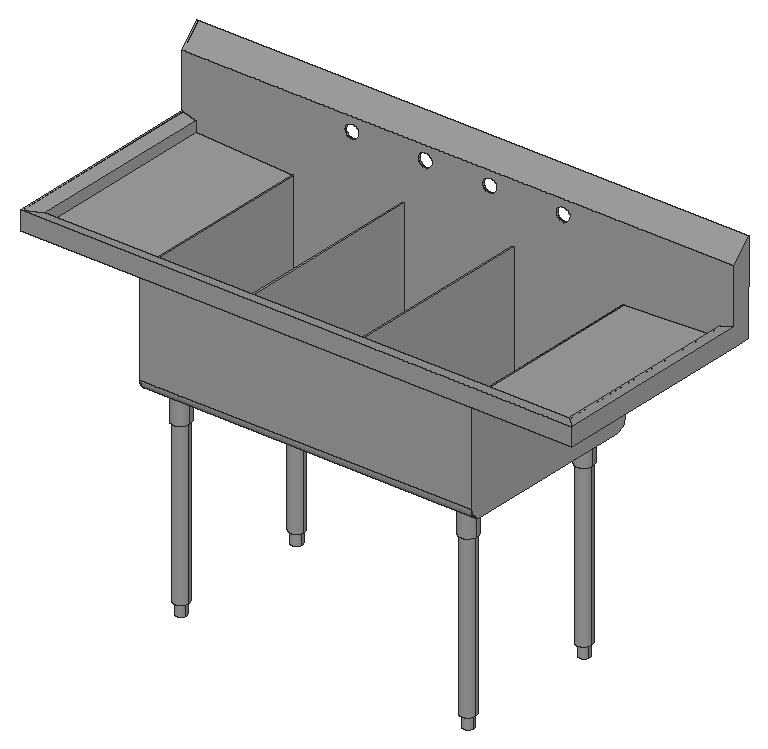
Revit family "equip-sink-elkay-weldbilt-TPL-DB-B", category Plumbing Fixtures, Revit 2019
Family settings
  Round Connector Dimension = Use Diameter
  Part Type = Normal
  Work Plane-Based = No
  Always vertical = Yes
  Cut with Voids When Loaded = No
  Shared = No
  Room Calculation Point = No
Parameters (values of type "ByType")
  Width = 2' - 0"
  URL = "http://www.elkayusa.com/cps/rde/xchg/elkay/hs.xsl/Default.aspx"
  Specification URL = "http://www.elkayusa.com/cps/rde/xbcr/elkay/04-07I_WELDBILT_TRIPLE_SCULLERY.pdf"
  Model Number = ""
  Model = "Weldbilt"
  Manufacturer = "Elkay Manufacturer"
  Length = 5' - 0"
  Installation URL = "http://www.elkayusa.com/cps/rde/xbcr/elkay/74180084.pdf"
  Hidden Width = if(Compartment Width > 0' 11", Width, (Backsplash Width + Sink Rim Front Width + Compartment Width))  # 2' - 0"
  Sink Rim Side Right Width = 0' - 1 1/2"  # constant formula
  Sink Material = Metal - Steel - Stainless - Chrome
  Hidden Compartment Width = Width - Sink Rim Front Width - Backsplash Width  # 1' - 8 1/2"
  Hidden Compartment Length = (Length - Drainboard Left - Drainboard Right) / 3  # 1' - 0"
  Hidden Drainboard Left = if(Drainboard Left > 0' 2", Drainboard Left, 0' 2")  # 1' - 0"
  Sink Rim Side Left Width = 0' - 1 1/2"  # constant formula
  Drainboard Right = 1' - 0"
  Drainboard Left = 1' - 0"
  Description = "Weldbilt Triple Compartment Scullery Sinks, Drainboard both"
  Compartment Length = if(Hidden Compartment Length > 0' 8 1/2", Hidden Compartment Length, 0' 8 1/2")  # 1' - 0"
  Hidden Length = if(Compartment Length > 0' 8 1/2", Length, (Drainboard Right + Drainboard Left + (Compartment Length * 3)))  # 5' - 0"
  Hidden Drainboard Right = if(Drainboard Right > 0' 2", Drainboard Right, 0' 2")  # 1' - 0"
  Sink Rim Front Width = 0' - 1 1/2"
  Backsplash Width = 0' - 2"  # constant formula
  Sink Drain Location = Compartment Width / 2  # 0' - 10 1/4"
  Compartment Depth = 1' - 2"
  Compartment Width = if(Hidden Compartment Width > 0' 11", Hidden Compartment Width, 0' 11")  # 1' - 8 1/2"
  Rim Height = 3' - 0"
  Hole 3 to 4 = 0' - 8"
  Hole 2 to 3 = 0' - 7"
  Hole 1 to 2 = 0' - 8"
  Hole 1 From CL = 0' - 11 1/2"
  Faucet CL from Top Backsplash = 0' - 3 1/2"
  Backsplash Height = 0' - 8"
Reference planes (in)
  plane 1 "CL Sink Hole": y = 0
  plane 2 "Bottom": z = 0
  plane 3 "Compartment Center": x = 0
  plane 4 "Basin Edge Left": x = -18
  plane 5 "Basin Edge Right": x = 18
  plane 6 "Basin Edge Back": y = 10.25
  plane 7 "Basin Edge Front": y = -10.25
  plane 8 "Left": x = -30
  plane 9 "Right": x = 30
  plane 10 "Back": y = 12.25
  plane 11 "Front": y = -11.75
  plane 12 "Sink Bowl Bottom (Top Face)": z = 22
  plane 13 "Sink Bowl Bottom (Bottom Face)": z = 21.875
  plane 14 "Sink Bottom Piece Back Edge": y = 9.25
  plane 15 "Sink Bottom Piece Front Edge": y = -9.25
  plane 16 "Center (Front/Back)": y = 0
  plane 17 "Sink Rim Top": z = 36
  plane 18 "Sink Bowl Bottom Radius Top Tangent": z = 23
  plane 19 "Sink Rim Inside Lower Edge": z = 35.59808
  plane 20: z = 44
  plane 21 "Backsplash Angle": z = 42
  plane 22 "Backsplash Side Piece Front": y = 10.375
  plane 23 "Backsplash Side Piece Top": z = 43.82322
  plane 24 "Backsplash Side Piece Angle": z = 41.94822
  plane 25 "Backsplash Side Piece Bottom": z = 34
  plane 26 "Backsplash Side Right Piece Inside Edge": x = 29.875
  plane 27 "Backsplash Side Left Piece Inside Edge": x = -29.875
  plane 28 "Basin Edge Right Outside Face": x = 18.0625
  plane 29 "Basin Edge Left Outside Face": x = -18.0625
  plane 30 "Faucet Hole CL Elev": z = 40.5
  plane 31 "CL Faucet Hole Left": x = -11.5
  plane 32 "CL Faucet Hole Right": x = -3.5
  plane 33 "Leg Left CL": x = -15.625
  plane 34 "Leg Front CL": y = -7.875
  plane 35: z = 18.825
  plane 36: z = 1.3125
  plane 37 "Leg Right CL": x = 15.625
  plane 38 "Leg Back CL": y = 7.875
  plane 39 "Sink Rim Inside Edge Right": x = 28.5
  plane 40 "Drainboard Lower Top Face": z = 34
  plane 41 "Drainboard Upper Top Face": z = 34.5
  plane 42: x = -28.5
  plane 43 "Partition Left - Left Edge": x = -6.07422
  plane 44 "Partition Left - Right Edge": x = -5.92578
  plane 45 "Sink Drain Left CL": x = -12
  plane 46 "Sink Drain Right CL": x = 12
  plane 47 "Partition Top": z = 35.47
  plane 48 "Partition Left CL": x = -6
  plane 49 "Partition Right CL": x = 6
  plane 50 "Partition Right - Left Edge": x = 5.92578
  plane 51 "Partition Right - Right Edge": x = 6.07422
  plane 52 "CL Faucet Hole2 Left": x = 3.5
  plane 53 "CL Faucet Hole2 Right": x = 11.5
  plane 54 "Basin Edge Front Outside": y = -10.375
  plane 55 "Basin Edge Back Outside": y = 10.375
  plane 56 "Center (Left/Right)": x = 0
Forms (in)
  Sweep 1, solid, material "Metal - Steel - Stainless - Chrome" <- "Sink Material"
    path origin (0, 0, 36) x (0, -1, 0) y (1, 0, 0)
      loop
        line (11.75, 18) -> (11.75, -18)
    profile "profile-weldbilt-rim : profile-weldbilt-rim" origin (0, -11.75, 36) x (0, -1, 0) y (0, 0, 1)
      loop
        line (-1.5, -0.40192) -> (-1.41389, -0.45164) -> (-0.07031, -0.09163) -> (-0.07031, -1.94605) -> (-0.42259, -2.04044) -> (-0.42259, -2.11323) -> (0, -2) -> (0, 0) -> (-1.5, -0.40192)
  Extrusion 2, solid, material "Metal - Steel - Stainless - Chrome" <- "Sink Material"
    sketch origin (0, 0, 0) x (0, 1, 0) y (0, 0, 1)
      loop
        line (-10.375, 35.59808) -> (-10.375, 23)
        arc (-10.375, 23) -> (-10.0455, 22.2045) -> (-9.25, 21.875) r 1.125
        line (-9.25, 21.875) -> (9.25, 21.875)
        arc (9.25, 21.875) -> (10.0455, 22.2045) -> (10.375, 23) r 1.125
        line (10.375, 23) -> (10.375, 34) -> (10.25, 34) -> (10.25, 23)
        arc (10.25, 23) -> (9.95711, 22.29289) -> (9.25, 22) r 1
        line (9.25, 22) -> (-9.25, 22)
        arc (-9.25, 22) -> (-9.95711, 22.29289) -> (-10.25, 23) r 1
        line (-10.25, 23) -> (-10.25, 35.59808) -> (-10.375, 35.59808)
    from -18 to 18
  Extrusion 3, solid, material "Metal - Steel - Stainless - Chrome" <- "Sink Material"
    sketch origin (0, 0, 0) x (0, 1, 0) y (0, 0, 1)
      loop
        line (10.25, 42) -> (10.25, 34) -> (10.375, 34) -> (10.375, 41.94822) -> (12.25, 43.82322) -> (12.25, 44) -> (10.25, 42)
    from -30 to 30
  Extrusion 4, solid, material "Metal - Steel - Stainless - Chrome" <- "Sink Material"
    sketch origin (30, 0, 0) x (0, 1, 0) y (0, 0, 1)
      loop
        line (12.25, 43.82322) -> (10.375, 41.94822) -> (10.375, 34) -> (12.25, 34) -> (12.25, 43.82322)
    from -0.125 to 0
  Extrusion 5, solid, material "Metal - Steel - Stainless - Chrome" <- "Sink Material"
    sketch origin (-18, 0, 0) x (0, 1, 0) y (0, 0, 1)
      loop
        line (12.25, 43.82322) -> (10.375, 41.94822) -> (10.375, 34) -> (12.25, 34) -> (12.25, 43.82322)
    from -12 to -11.875
  Extrusion 6, solid, material "Metal - Steel - Stainless - Chrome" <- "Sink Material"
    sketch origin (18, 0, 0) x (0, 1, 0) y (0, 0, 1)
      loop
        line (-10.375, 34) -> (-10.375, 23)
        arc (-10.375, 23) -> (-10.0455, 22.2045) -> (-9.25, 21.875) r 1.125
        line (-9.25, 21.875) -> (9.25, 21.875)
        arc (9.25, 21.875) -> (10.0455, 22.2045) -> (10.375, 23) r 1.125
        line (10.375, 23) -> (10.375, 34) -> (-10.375, 34)
    from 0 to 0.0625
  Extrusion 7, solid, material "Metal - Steel - Stainless - Chrome" <- "Sink Material"
    sketch origin (-18, 0, 0) x (0, 1, 0) y (0, 0, 1)
      loop
        line (10.375, 34) -> (-10.375, 34) -> (-10.375, 23)
        arc (-10.375, 23) -> (-10.0455, 22.2045) -> (-9.25, 21.875) r 1.125
        line (-9.25, 21.875) -> (9.25, 21.875)
        arc (9.25, 21.875) -> (10.0455, 22.2045) -> (10.375, 23) r 1.125
        line (10.375, 23) -> (10.375, 34)
    from -0.0625 to 0
  Extrusion 8, void
    sketch origin (0, 0, 0) x (1, 0, 0) y (0, 0, 1)
      loop
        circle (-11.5, 40.5) r 0.75
    from -10.375 to -10.25
  Extrusion 9, void
    sketch origin (0, 0, 0) x (1, 0, 0) y (0, 0, 1)
      loop
        circle (-3.5, 40.5) r 0.75
    from -10.375 to -10.25
  Extrusion 10, void
    sketch origin (-45.27944, 78.60934, 0) x (1, 0, 0) y (0, 1, 0)
      loop
        circle (33.27944, -78.60934) r 2.375
    from 21.875 to 22
  Revolve 11, solid, material "Metal - Steel - Stainless - Chrome" <- "Sink Material"
    sketch origin (0, -7.875, 0) x (-1, 0, 0) y (0, 0, 1)
      loop
        line (16.4375, 18.825) -> (16.595, 18.825) -> (16.595, 21.875) -> (15.625, 21.875) -> (15.625, 0) -> (16.1875, 0) -> (16.1875, 1.3125) -> (16.4375, 1.3125) -> (16.4375, 18.825)
      axis (15.625, 21.875) -> (15.625, 0)
    angle from 0 to 360
  Revolve 12, solid, material "Metal - Steel - Stainless - Chrome" <- "Sink Material"
    sketch origin (0, -7.875, 0) x (-1, 0, 0) y (0, 0, 1)
      loop
        line (-16.4375, 18.825) -> (-16.4375, 1.3125) -> (-16.1875, 1.3125) -> (-16.1875, 0) -> (-15.625, 0) -> (-15.625, 21.875) -> (-16.595, 21.875) -> (-16.595, 18.825) -> (-16.4375, 18.825)
      axis (-15.625, 21.875) -> (-15.625, 0)
    angle from 0 to 360
  Revolve 13, solid, material "Metal - Steel - Stainless - Chrome" <- "Sink Material"
    sketch origin (0, 7.875, 0) x (-1, 0, 0) y (0, 0, 1)
      loop
        line (-16.4375, 18.825) -> (-16.4375, 1.3125) -> (-16.1875, 1.3125) -> (-16.1875, 0) -> (-15.625, 0) -> (-15.625, 21.875) -> (-16.595, 21.875) -> (-16.595, 18.825) -> (-16.4375, 18.825)
      axis (-15.625, 21.875) -> (-15.625, 0)
    angle from 0 to 360
  Revolve 14, solid, material "Metal - Steel - Stainless - Chrome" <- "Sink Material"
    sketch origin (0, 7.875, 0) x (-1, 0, 0) y (0, 0, 1)
      loop
        line (14.8125, 18.825) -> (14.8125, 1.3125) -> (15.0625, 1.3125) -> (15.0625, 0) -> (15.625, 0) -> (15.625, 21.875) -> (14.655, 21.875) -> (14.655, 18.825) -> (14.8125, 18.825)
      axis (15.625, 21.875) -> (15.625, 0)
    angle from 0 to 360
  Sweep 15, solid, material "Metal - Steel - Stainless - Chrome" <- "Sink Material"
    path origin (0, 0, 22) x (-1, 0, 0) y (0, -1, 0)
      loop
        circle (12, 0) r 2.375
    profile "profile-elkay-sink-hole-1 : profile-elkay-sink-hole-1" origin (-12, -2.375, 22) x (0, 1, 0) y (0, 0, 1)
      loop
        arc (0.10775, -0.05529) -> (0.06053, -0.01467) -> (0, 0) r 0.133
        line (0, 0) -> (0, -0.07422)
        arc (0, -0.07422) -> (0.0267, -0.08072) -> (0.04752, -0.09865) r 0.05878
        line (0.04752, -0.09865) -> (0.12152, -0.20143) -> (0.5715, -0.40832) -> (0.5715, -0.32577) -> (0.16939, -0.14089) -> (0.10775, -0.05529)
  Extrusion 16, solid, material "Metal - Steel - Stainless - Chrome" <- "Sink Material"
    sketch origin (0, 0, 0) x (1, 0, 0) y (0, 0, 1)
      loop
        line (18, 34) -> (18, 33.9257) -> (28.5, 34.4257) -> (28.5, 34.5) -> (18, 34)
    from -10.25 to 10.25
  Sweep 17, solid, material "Metal - Steel - Stainless - Chrome" <- "Sink Material"
    path origin (0, 0, 36) x (0, -1, 0) y (1, 0, 0)
      loop
        line (11.75, 18) -> (11.75, 30) -> (-10.25, 30)
    profile "profile-weldbilt-rim-db : profile-weldbilt-rim-db" origin (24, -11.75, 36) x (0, 1, 0) y (0, 0, 1)
      loop
        line (1.5, -0.40192) -> (0, 0) -> (0, -2) -> (0.42259, -2.11323) -> (0.42259, -2.04044) -> (0.07031, -1.94605) -> (0.07031, -0.09163) -> (1.4375, -0.45797) -> (1.4375, -2) -> (1.5, -2) -> (1.5, -0.40192)
  Extrusion 18, solid, material "Metal - Steel - Stainless - Chrome" <- "Sink Material"
    sketch origin (0, 0, 0) x (1, 0, 0) y (0, 0, 1)
      loop
        line (-28.5, 34.5) -> (-28.5, 34.4257) -> (-18, 33.9257) -> (-18, 34) -> (-28.5, 34.5)
    from -10.25 to 10.25
  Sweep 19, solid, material "Metal - Steel - Stainless - Chrome" <- "Sink Material"
    path origin (0, 0, 36) x (0, -1, 0) y (1, 0, 0)
      loop
        line (-10.25, -30) -> (11.75, -30) -> (11.75, -18)
    profile "profile-weldbilt-rim-db : profile-weldbilt-rim-db" origin (-30, -0.75, 36) x (1, 0, 0) y (0, 0, 1)
      loop
        line (1.5, -0.40192) -> (0, 0) -> (0, -2) -> (0.42259, -2.11323) -> (0.42259, -2.04044) -> (0.07031, -1.94605) -> (0.07031, -0.09163) -> (1.4375, -0.45797) -> (1.4375, -2) -> (1.5, -2) -> (1.5, -0.40192)
  Extrusion 20, void
    sketch origin (0, 0, 0) x (1, 0, 0) y (0, 1, 0)
      loop
        circle (12, 0) r 2.375
    from 21.875 to 22
  Sweep 21, solid, material "Metal - Steel - Stainless - Chrome" <- "Sink Material"
    path origin (0, 0, 22) x (-1, 0, 0) y (0, -1, 0)
      loop
        circle (-12, 0) r 2.375
    profile "profile-elkay-sink-hole-1 : profile-elkay-sink-hole-1" origin (12, -2.375, 22) x (0, 1, 0) y (0, 0, 1)
      loop
        arc (0.10775, -0.05529) -> (0.06053, -0.01467) -> (0, 0) r 0.133
        line (0, 0) -> (0, -0.07422)
        arc (0, -0.07422) -> (0.0267, -0.08072) -> (0.04752, -0.09865) r 0.05878
        line (0.04752, -0.09865) -> (0.12152, -0.20143) -> (0.5715, -0.40832) -> (0.5715, -0.32577) -> (0.16939, -0.14089) -> (0.10775, -0.05529)
  Extrusion 22, solid, material "Metal - Steel - Stainless - Chrome" <- "Sink Material"
    sketch origin (0, 0, 0) x (0, 1, 0) y (0, 0, 1)
      loop
        line (-10.25, 35.47) -> (-10.25, 23)
        arc (-10.25, 23) -> (-9.95711, 22.29289) -> (-9.25, 22) r 1
        line (-9.25, 22) -> (9.25, 22)
        arc (9.25, 22) -> (9.95711, 22.29289) -> (10.25, 23) r 1
        line (10.25, 23) -> (10.25, 35.47) -> (-10.25, 35.47)
    from -6.07422 to -5.92578
  Extrusion 23, void
    sketch origin (0, 0, 0) x (1, 0, 0) y (0, 1, 0)
      loop
        circle (0, 0) r 2.375
    from 21.875 to 22
  Sweep 24, solid, material "Metal - Steel - Stainless - Chrome" <- "Sink Material"
    path origin (0, 0, 22) x (-1, 0, 0) y (0, -1, 0)
      loop
        circle (0, 0) r 2.375
    profile "profile-elkay-sink-hole-1 : profile-elkay-sink-hole-1" origin (0, -2.375, 22) x (0, 1, 0) y (0, 0, 1)
      loop
        arc (0.10775, -0.05529) -> (0.06053, -0.01467) -> (0, 0) r 0.133
        line (0, 0) -> (0, -0.07422)
        arc (0, -0.07422) -> (0.0267, -0.08072) -> (0.04752, -0.09865) r 0.05878
        line (0.04752, -0.09865) -> (0.12152, -0.20143) -> (0.5715, -0.40832) -> (0.5715, -0.32577) -> (0.16939, -0.14089) -> (0.10775, -0.05529)
  Extrusion 25, solid, material "Metal - Steel - Stainless - Chrome" <- "Sink Material"
    sketch origin (0, 0, 0) x (0, 1, 0) y (0, 0, 1)
      loop
        line (-10.25, 35.47) -> (-10.25, 23)
        arc (-10.25, 23) -> (-9.95711, 22.29289) -> (-9.25, 22) r 1
        line (-9.25, 22) -> (9.25, 22)
        arc (9.25, 22) -> (9.95711, 22.29289) -> (10.25, 23) r 1
        line (10.25, 23) -> (10.25, 35.47) -> (-10.25, 35.47)
    from 5.92578 to 6.07422
  Extrusion 26, void
    sketch origin (0, 0, 0) x (1, 0, 0) y (0, 0, 1)
      loop
        circle (11.5, 40.5) r 0.75
    from -10.375 to -10.25
  Extrusion 27, void
    sketch origin (0, 0, 0) x (1, 0, 0) y (0, 0, 1)
      loop
        circle (3.5, 40.5) r 0.75
    from -10.375 to -10.25
Cuts and joins
  Extrusion 27 cuts Sweep 1
  Extrusion 10, Extrusion 20, Extrusion 23, Extrusion 27 cuts Extrusion 2
  Extrusion 8, Extrusion 9, Extrusion 26, Extrusion 27 cuts Extrusion 3
  Extrusion 27 cuts Extrusion 4
  Extrusion 27 cuts Extrusion 5
  Extrusion 10 cuts Extrusion 6
  Extrusion 27 cuts Sweep 17
  Extrusion 27 cuts Sweep 19
  joined: Sweep 1, Extrusion 2, Extrusion 3, Extrusion 4, Extrusion 5, Extrusion 6, Extrusion 7, Sweep 17, Sweep 19
Lines and regions (in)
  Masking region 1
    outline origin (0, 0, 0) x (1, 0, 0) y (0, 1, 0)
      loop
        line (-30, 12.25) -> (-30, -11.75) -> (30, -11.75) -> (30, 12.25) -> (-30, 12.25)
  reference lines
    curve 1: arc (0, -9.25, 22) -> (0, -9.95711, 22.29289) -> (0, -10.25, 23) r 1
    curve 2: arc (0, 10.25, 23) -> (0, 9.95711, 22.29289) -> (0, 9.25, 22) r 1
    curve 3: line (-15.625, -7.875, 21.875) -> (-15.625, -7.875, 0)
    curve 4: line (15.625, -7.875, 22) -> (15.625, -7.875, 0)
    curve 5: line (15.625, 7.875, 21.875) -> (15.625, 7.875, 0)
    curve 6: line (-15.625, 7.875, 21.875) -> (-15.625, 7.875, 0)
    curve 13: line (18, 0, 34) -> (28.5, 0, 34.5)
    curve 14: line (18.00165, 0, 33.92578) -> (28.50165, 0, 34.42578)
    curve 15: line (-18, 0, 34) -> (-28.5, 0, 34.5)
    curve 16: line (-18.00165, 0, 33.92578) -> (-28.50165, 0, 34.42578)
    curve 29: arc (0, 10.375, 23) -> (0, 10.0455, 22.2045) -> (0, 9.25, 21.875) r 1.125
    curve 30: arc (0, -10.375, 23) -> (0, -10.0455, 22.2045) -> (0, -9.25, 21.875) r 1.125
  symbolic lines
    curve 7: line (-30, 10.25, 0) -> (30, 10.25, 0)
    curve 8: line (-18, -10.25, 0) -> (-18, 10.25, 0)
    curve 9: line (28.5, -10.25, 0) -> (-28.5, -10.25, 0)
    curve 10: line (18, 10.25, 0) -> (18, -10.25, 0)
    curve 11: line (-28.5, -10.25, 0) -> (-30, -11.75, 0)
    curve 12: line (30, -11.75, 0) -> (28.5, -10.25, 0)
    curve 17: line (-28.5, 10.25, 0) -> (-28.5, -10.25, 0)
    curve 18: line (28.5, 10.25, 0) -> (28.5, -10.25, 0)
    curve 19: circle (-12, 0, 0) r 2.375 normal (0, 0, 1)
    curve 20: circle (-12, 0, 0) r 1.75 normal (0, 0, 1)
    curve 21: circle (12, 0, 0) r 2.375 normal (0, 0, 1)
    curve 22: circle (12, 0, 0) r 1.75 normal (0, 0, 1)
    curve 23: line (-6.07422, -10.25, 0) -> (-6.07422, 10.25, 0)
    curve 24: line (-5.92578, 10.25, 0) -> (-5.92578, -10.25, 0)
    curve 25: circle (0, 0, 0) r 2.375 normal (0, 0, 1)
    curve 26: circle (0, 0, 0) r 1.75 normal (0, 0, 1)
    curve 27: line (5.92578, 10.25, 0) -> (5.92578, -10.25, 0)
    curve 28: line (6.07422, -10.25, 0) -> (6.07422, 10.25, 0)
Dimensions and locks (in)
  equal spacing: plane 4 "Basin Edge Left", plane 3 "Compartment Center", plane 5 "Basin Edge Right"
  "Hidden Drainboard Left": plane 8 "Left" to plane 4 "Basin Edge Left"
  "Hidden Drainboard Right": plane 5 "Basin Edge Right" to plane 9 "Right"
  "Hidden Length": plane 8 "Left" to plane 9 "Right"
  "Sink Drain Location": plane 6 "Basin Edge Back" to plane 1 "CL Sink Hole"
  "Backsplash Width": plane 10 "Back" to plane 6 "Basin Edge Back"
  "Sink Rim Front Width": plane 7 "Basin Edge Front" to plane 11 "Front"
  "Hidden Width": plane 10 "Back" to plane 11 "Front"
  locked: plane 15 "Sink Bottom Piece Front Edge" to plane 7 "Basin Edge Front" at 1
  locked: plane 6 "Basin Edge Back" to plane 14 "Sink Bottom Piece Back Edge" at 1
  plane 6 "Basin Edge Back" to plane 7 "Basin Edge Front" = 1' - 8 1/2"
  equal spacing: plane 6 "Basin Edge Back", plane 16 "Center (Front/Back)", plane 7 "Basin Edge Front"
  "Compartment Depth": plane 17 "Sink Rim Top" to plane 12 "Sink Bowl Bottom (Top Face)"
  "Rim Height": plane 17 "Sink Rim Top" to plane 2 "Bottom"
  locked: plane 18 "Sink Bowl Bottom Radius Top Tangent" to plane 12 "Sink Bowl Bottom (Top Face)" at 1
  locked: plane 17 "Sink Rim Top" to plane 19 "Sink Rim Inside Lower Edge" at 0.40192
  "Backsplash Height": plane 20 to plane 17 "Sink Rim Top"
  locked: plane 20 to plane 21 "Backsplash Angle" at 2
  locked: plane 20 to plane 23 "Backsplash Side Piece Top" at 0.17678
  locked: plane 6 "Basin Edge Back" to plane 22 "Backsplash Side Piece Front" at 0.125
  locked: plane 21 "Backsplash Angle" to plane 24 "Backsplash Side Piece Angle" at 0.05178
  locked: plane 26 "Backsplash Side Right Piece Inside Edge" to plane 9 "Right" at 0.125
  locked: plane 8 "Left" to plane 27 "Backsplash Side Left Piece Inside Edge" at 0.125
  locked: plane 5 "Basin Edge Right" to plane 28 "Basin Edge Right Outside Face" at 0.0625
  plane 29 "Basin Edge Left Outside Face" to plane 4 "Basin Edge Left" = 0' - 0 1/16"
  locked: plane 17 "Sink Rim Top" to plane 25 "Backsplash Side Piece Bottom" at 2
  locked: plane 34 "Leg Front CL" to plane 7 "Basin Edge Front" at 2.375
  locked: plane 4 "Basin Edge Left" to plane 33 "Leg Left CL" at 2.375
  "Hole 1 From CL": plane 31 "CL Faucet Hole Left" to plane 3 "Compartment Center"
  "Hole 1 to 2": plane 31 "CL Faucet Hole Left" to plane 32 "CL Faucet Hole Right"
  locked: plane 12 "Sink Bowl Bottom (Top Face)" to plane 13 "Sink Bowl Bottom (Bottom Face)" at 0.125
  locked: plane 12 "Sink Bowl Bottom (Top Face)" to plane 35 at 3.175
  locked: plane 36 to plane 2 "Bottom" at 1.3125
  "Faucet CL from Top Backsplash": plane 20 to plane 30 "Faucet Hole CL Elev"
  locked: plane 37 "Leg Right CL" to plane 5 "Basin Edge Right" at 2.375
  locked: plane 6 "Basin Edge Back" to plane 38 "Leg Back CL" at 2.375
  "Sink Rim Side Right Width": plane 39 "Sink Rim Inside Edge Right" to plane 9 "Right"
  locked: plane 17 "Sink Rim Top" to plane 41 "Drainboard Upper Top Face" at 1.5
  locked: plane 17 "Sink Rim Top" to plane 40 "Drainboard Lower Top Face" at 2
  "Sink Rim Side Left Width": plane 8 "Left" to plane 42
  equal spacing: plane 4 "Basin Edge Left", plane 45 "Sink Drain Left CL", plane 48 "Partition Left CL"
  equal spacing: plane 49 "Partition Right CL", plane 46 "Sink Drain Right CL", plane 5 "Basin Edge Right"
  locked: plane 17 "Sink Rim Top" to plane 47 "Partition Top" at 0.53
  equal spacing: plane 4 "Basin Edge Left", plane 48 "Partition Left CL", plane 49 "Partition Right CL", plane 5 "Basin Edge Right"
  equal spacing: plane 43 "Partition Left - Left Edge", plane 48 "Partition Left CL", plane 44 "Partition Left - Right Edge"
  locked: plane 43 "Partition Left - Left Edge" to plane 44 "Partition Left - Right Edge" at 0.14844
  equal spacing: plane 50 "Partition Right - Left Edge", plane 49 "Partition Right CL", plane 51 "Partition Right - Right Edge"
  locked: plane 50 "Partition Right - Left Edge" to plane 51 "Partition Right - Right Edge" at 0.14844
  "Hole 2 to 3": plane 32 "CL Faucet Hole Right" to plane 52 "CL Faucet Hole2 Left"
  "Hole 3 to 4": plane 52 "CL Faucet Hole2 Left" to plane 53 "CL Faucet Hole2 Right"
  locked: plane 54 "Basin Edge Front Outside" to plane 7 "Basin Edge Front" at 0.125
  locked: plane 6 "Basin Edge Back" to plane 55 "Basin Edge Back Outside" at 0.125
  locked: nested 1 to plane 9 "Right" at 4
  locked: plane 10 "Back" to nested 1 at 1
  equal spacing: plane 8 "Left", plane 56 "Center (Left/Right)", plane 9 "Right"
  aligned and locked: Extrusion 2 sketch curve to plane 6 "Basin Edge Back"
  aligned and locked: Extrusion 2 sketch curve to curve 2
  aligned and locked: Extrusion 2 sketch curve to curve 1
  aligned and locked: plane 5 "Basin Edge Right" to Extrusion 2
  aligned and locked: Extrusion 2 to plane 4 "Basin Edge Left"
  aligned and locked: Extrusion 2 sketch curve to plane 19 "Sink Rim Inside Lower Edge"
  aligned and locked: Extrusion 3 sketch curve to plane 10 "Back"
  aligned and locked: Extrusion 3 sketch curve to plane 6 "Basin Edge Back"
  aligned and locked: plane 9 "Right" to Extrusion 3
  aligned and locked: Extrusion 3 to plane 8 "Left"
  aligned and locked: plane 10 "Back" to Extrusion 4 sketch curve
  aligned and locked: Extrusion 4 sketch curve to plane 25 "Backsplash Side Piece Bottom"
  aligned and locked: Extrusion 4 sketch curve to plane 22 "Backsplash Side Piece Front"
  aligned and locked: Extrusion 4 to plane 26 "Backsplash Side Right Piece Inside Edge"
  aligned and locked: plane 9 "Right" to Extrusion 4
  aligned and locked: Extrusion 5 sketch curve to plane 10 "Back"
  aligned and locked: plane 22 "Backsplash Side Piece Front" to Extrusion 5 sketch curve
  aligned and locked: plane 25 "Backsplash Side Piece Bottom" to Extrusion 5 sketch curve
  aligned and locked: plane 27 "Backsplash Side Left Piece Inside Edge" to Extrusion 5
  aligned and locked: Extrusion 5 to plane 8 "Left"
  aligned and locked: Extrusion 6 to plane 5 "Basin Edge Right"
  aligned and locked: plane 28 "Basin Edge Right Outside Face" to Extrusion 6
  aligned and locked: Extrusion 7 to plane 29 "Basin Edge Left Outside Face"
  aligned and locked: plane 4 "Basin Edge Left" to Extrusion 7
  aligned and locked: plane 22 "Backsplash Side Piece Front" to Extrusion 9
  aligned and locked: Extrusion 9 to plane 6 "Basin Edge Back"
  aligned and locked: plane 22 "Backsplash Side Piece Front" to Extrusion 8
  aligned: Extrusion 8 to plane 14 "Sink Bottom Piece Back Edge"
  aligned and locked: Extrusion 8 to plane 6 "Basin Edge Back"
  aligned and locked: plane 12 "Sink Bowl Bottom (Top Face)" to Extrusion 10
  aligned and locked: Extrusion 10 to plane 13 "Sink Bowl Bottom (Bottom Face)"
  aligned and locked: Revolve 11 sketch curve to plane 13 "Sink Bowl Bottom (Bottom Face)"
  aligned and locked: Revolve 11 sketch curve to curve 3
  aligned and locked: curve 4 to plane 37 "Leg Right CL"
  aligned and locked: plane 12 "Sink Bowl Bottom (Top Face)" to curve 4
  aligned and locked: plane 2 "Bottom" to curve 4
  aligned and locked: Revolve 12 sketch curve to plane 36
  aligned and locked: Revolve 12 sketch curve to plane 35
  aligned and locked: plane 2 "Bottom" to Revolve 12 sketch curve  (x3)
  aligned and locked: plane 13 "Sink Bowl Bottom (Bottom Face)" to Revolve 12 sketch curve  (x2)
  aligned and locked: curve 4 to Revolve 12 sketch curve  (x2)
  aligned and locked: Revolve 13 sketch curve to plane 2 "Bottom"
  aligned and locked: plane 36 to Revolve 13 sketch curve
  aligned and locked: plane 35 to Revolve 13 sketch curve
  aligned and locked: Revolve 13 sketch curve to plane 13 "Sink Bowl Bottom (Bottom Face)"
  aligned and locked: plane 37 "Leg Right CL" to Revolve 13 sketch curve
  aligned and locked: Revolve 13 sketch curve to curve 5
  aligned and locked: Revolve 14 sketch curve to plane 2 "Bottom"
  aligned and locked: plane 36 to Revolve 14 sketch curve
  aligned and locked: plane 35 to Revolve 14 sketch curve
  aligned and locked: Revolve 14 sketch curve to plane 13 "Sink Bowl Bottom (Bottom Face)"
  aligned and locked: plane 33 "Leg Left CL" to Revolve 14 sketch curve
  aligned and locked: plane 2 "Bottom" to Revolve 14 sketch curve
  aligned and locked: Revolve 14 sketch curve to plane 33 "Leg Left CL"
  aligned and locked: Masking region 1 sketch curve to plane 10 "Back"
  aligned and locked: plane 8 "Left" to Masking region 1 sketch curve
  aligned and locked: Masking region 1 sketch curve to plane 9 "Right"
  aligned and locked: plane 11 "Front" to Masking region 1 sketch curve
  aligned and locked: plane 7 "Basin Edge Front" to curve 9
  aligned and locked: plane 4 "Basin Edge Left" to curve 8
  aligned and locked: curve 7 to plane 6 "Basin Edge Back"
  aligned and locked: plane 8 "Left" to curve 7
  aligned and locked: plane 9 "Right" to curve 7
  aligned and locked: Extrusion 6 sketch curve to plane 40 "Drainboard Lower Top Face"
  aligned and locked: Extrusion 16 sketch curve to curve 13
  aligned and locked: plane 5 "Basin Edge Right" to Extrusion 16 sketch curve
  aligned and locked: Extrusion 16 sketch curve to plane 39 "Sink Rim Inside Edge Right"
  aligned and locked: Extrusion 16 sketch curve to curve 14
  aligned and locked: plane 6 "Basin Edge Back" to Extrusion 16
  aligned and locked: Extrusion 16 to plane 7 "Basin Edge Front"
  aligned and locked: Extrusion 2 sketch curve to plane 40 "Drainboard Lower Top Face"
  aligned and locked: Extrusion 3 sketch curve to plane 40 "Drainboard Lower Top Face"
  aligned and locked: plane 5 "Basin Edge Right" to Sweep 1 sketch curve
  aligned and locked: Sweep 17 sketch curve to plane 11 "Front"
  aligned and locked: plane 9 "Right" to Sweep 17 sketch curve
  aligned and locked: plane 5 "Basin Edge Right" to Sweep 17 sketch curve
  aligned and locked: plane 6 "Basin Edge Back" to Sweep 17 sketch curve
  aligned and locked: Extrusion 7 sketch curve to plane 40 "Drainboard Lower Top Face"
  aligned and locked: plane 42 to Extrusion 18 sketch curve
  aligned and locked: Extrusion 18 sketch curve to plane 4 "Basin Edge Left"
  aligned and locked: Extrusion 18 sketch curve to curve 15
  aligned and locked: Extrusion 18 sketch curve to curve 16
  aligned and locked: plane 6 "Basin Edge Back" to Extrusion 18
  aligned and locked: Extrusion 18 to plane 7 "Basin Edge Front"
  aligned and locked: plane 4 "Basin Edge Left" to Sweep 1 sketch curve
  aligned and locked: Sweep 19 sketch curve to plane 11 "Front"
  aligned and locked: Sweep 19 sketch curve to plane 8 "Left"
  aligned and locked: plane 6 "Basin Edge Back" to Sweep 19 sketch curve
  aligned and locked: plane 4 "Basin Edge Left" to Sweep 19 sketch curve
  aligned and locked: plane 12 "Sink Bowl Bottom (Top Face)" to Extrusion 20
  aligned and locked: Extrusion 20 to plane 13 "Sink Bowl Bottom (Bottom Face)"
  aligned and locked: Extrusion 22 sketch curve to plane 47 "Partition Top"
  aligned and locked: Extrusion 22 sketch curve to plane 6 "Basin Edge Back"
  aligned and locked: Extrusion 22 sketch curve to curve 1
  aligned and locked: Extrusion 22 sketch curve to curve 2
  aligned and locked: Extrusion 22 to plane 43 "Partition Left - Left Edge"
  aligned and locked: plane 44 "Partition Left - Right Edge" to Extrusion 22
  aligned and locked: plane 12 "Sink Bowl Bottom (Top Face)" to Extrusion 23
  aligned and locked: Extrusion 23 to plane 13 "Sink Bowl Bottom (Bottom Face)"
  aligned and locked: Extrusion 25 sketch curve to plane 47 "Partition Top"
  aligned and locked: Extrusion 25 sketch curve to plane 6 "Basin Edge Back"
  aligned and locked: Extrusion 25 sketch curve to curve 1
  aligned and locked: Extrusion 25 sketch curve to curve 2
  aligned and locked: plane 51 "Partition Right - Right Edge" to Extrusion 25
  aligned and locked: Extrusion 25 to plane 50 "Partition Right - Left Edge"
  aligned and locked: plane 22 "Backsplash Side Piece Front" to Extrusion 27
  aligned and locked: Extrusion 27 to plane 6 "Basin Edge Back"
  aligned and locked: plane 22 "Backsplash Side Piece Front" to Extrusion 26
  aligned and locked: Extrusion 26 to plane 6 "Basin Edge Back"
  aligned and locked: Extrusion 6 sketch curve to plane 54 "Basin Edge Front Outside"
  aligned and locked: Extrusion 6 sketch curve to plane 55 "Basin Edge Back Outside"
  aligned and locked: Extrusion 6 sketch curve to curve 30
  aligned and locked: Extrusion 6 sketch curve to curve 29
  aligned and locked: Extrusion 7 sketch curve to plane 54 "Basin Edge Front Outside"
  aligned and locked: Extrusion 7 sketch curve to plane 55 "Basin Edge Back Outside"
  aligned and locked: Extrusion 7 sketch curve to curve 29
  aligned and locked: Extrusion 7 sketch curve to curve 30
Automatic sketch dimensions
  Extrusion 2 sketch curve to Extrusion 2 sketch curve = 0' - 0"  (x4)
  Extrusion 2 sketch curve to plane 22 "Backsplash Side Piece Front" = 0' - 0"
  Extrusion 3 sketch curve to plane 22 "Backsplash Side Piece Front" = 0' - 0"
  Extrusion 3 sketch curve to plane 24 "Backsplash Side Piece Angle" = 0' - 0"
  Extrusion 3 sketch curve to plane 21 "Backsplash Angle" = 0' - 0"
  Extrusion 3 sketch curve to plane 23 "Backsplash Side Piece Top" = 0' - 0"
  Extrusion 3 sketch curve to plane 20 = 0' - 0"
  Extrusion 4 sketch curve to plane 24 "Backsplash Side Piece Angle" = 0' - 0"
  Extrusion 4 sketch curve to plane 23 "Backsplash Side Piece Top" = 0' - 0"
  Extrusion 5 sketch curve to plane 24 "Backsplash Side Piece Angle" = 0' - 0"
  Extrusion 5 sketch curve to plane 23 "Backsplash Side Piece Top" = 0' - 0"
  Extrusion 8 sketch curve to plane 30 "Faucet Hole CL Elev" = 0' - 0"
  Extrusion 8 sketch curve to plane 31 "CL Faucet Hole Left" = 0' - 0"
  Extrusion 9 sketch curve to plane 30 "Faucet Hole CL Elev" = 0' - 0"
  Extrusion 9 sketch curve to plane 32 "CL Faucet Hole Right" = 0' - 0"
  curve 3 to level = 0' - 0"
  curve 3 to plane 33 "Leg Left CL" = 0' - 0"
  curve 3 to plane 13 "Sink Bowl Bottom (Bottom Face)" = 0' - 0"
  Revolve 11 sketch curve to plane 33 "Leg Left CL" = 0' - 0"
  Revolve 11 sketch curve to level = 0' - 0"  (x2)
  Revolve 11 sketch curve to plane 36 = 0' - 0"
  Revolve 11 sketch curve to plane 35 = 0' - 0"
  Revolve 11 sketch curve to plane 13 "Sink Bowl Bottom (Bottom Face)" = 0' - 0"
  Revolve 11 sketch curve to Revolve 11 sketch curve = 0' - 0 9/16"
  Revolve 11 sketch curve to Revolve 11 sketch curve = 0' - 0 1/4"
  Revolve 11 sketch curve to Revolve 11 sketch curve = 0' - 0.1575"
  plane 37 "Leg Right CL" to Revolve 12 sketch curve = 0' - 0 9/16"
  plane 37 "Leg Right CL" to Revolve 12 sketch curve = 0' - 0 13/16"
  Revolve 12 sketch curve to Revolve 12 sketch curve = 0' - 0.1575"
  curve 5 to level = 0' - 0"
  curve 5 to plane 37 "Leg Right CL" = 0' - 0"
  curve 5 to plane 13 "Sink Bowl Bottom (Bottom Face)" = 0' - 0"
  Revolve 13 sketch curve to level = 0' - 0"
  Revolve 13 sketch curve to plane 13 "Sink Bowl Bottom (Bottom Face)" = 0' - 0"
  plane 37 "Leg Right CL" to Revolve 13 sketch curve = 0' - 0 9/16"
  Revolve 13 sketch curve to Revolve 13 sketch curve = 0' - 0 1/4"
  Revolve 13 sketch curve to Revolve 13 sketch curve = 0' - 0.97"
  Revolve 14 sketch curve to plane 13 "Sink Bowl Bottom (Bottom Face)" = 0' - 0"
  plane 33 "Leg Left CL" to Revolve 14 sketch curve = 0' - 0 9/16"
  Revolve 14 sketch curve to Revolve 14 sketch curve = 0' - 0 1/4"
  Revolve 14 sketch curve to Revolve 14 sketch curve = 0' - 0.97"
  curve 6 to level = 0' - 0"
  curve 6 to plane 33 "Leg Left CL" = 0' - 0"
  curve 6 to plane 13 "Sink Bowl Bottom (Bottom Face)" = 0' - 0"
  curve 13 to plane 39 "Sink Rim Inside Edge Right" = 0' - 0"
  curve 13 to plane 5 "Basin Edge Right" = 0' - 0"
  curve 13 to plane 25 "Backsplash Side Piece Bottom" = 0' - 0"
  curve 13 to plane 41 "Drainboard Upper Top Face" = 0' - 0"
  plane 39 "Sink Rim Inside Edge Right" to curve 14 = 0' - 0.00165"
  plane 5 "Basin Edge Right" to curve 14 = 0' - 0.00165"
  Sweep 1 sketch curve to plane 11 "Front" = 0' - 0"
  curve 15 to plane 4 "Basin Edge Left" = 0' - 0"
  curve 15 to plane 41 "Drainboard Upper Top Face" = 0' - 0"
  curve 15 to plane 42 = 0' - 0"
  curve 15 to plane 25 "Backsplash Side Piece Bottom" = 0' - 0"
  curve 16 to plane 4 "Basin Edge Left" = 0' - 0.00165"
  curve 16 to plane 42 = 0' - 0.00165"
  plane 1 "CL Sink Hole" to Sweep 15 sketch curve = 0' - 0"
  Sweep 15 sketch curve to plane 45 "Sink Drain Left CL" = 0' - 0"
  plane 1 "CL Sink Hole" to Extrusion 10 sketch curve = 0' - 0"
  Extrusion 10 sketch curve to plane 45 "Sink Drain Left CL" = 0' - 0"
  plane 1 "CL Sink Hole" to Extrusion 20 sketch curve = 0' - 0"
  Extrusion 20 sketch curve to plane 46 "Sink Drain Right CL" = 0' - 0"
  plane 1 "CL Sink Hole" to Sweep 21 sketch curve = 0' - 0"
  Sweep 21 sketch curve to plane 46 "Sink Drain Right CL" = 0' - 0"
  plane 1 "CL Sink Hole" to Extrusion 23 sketch curve = 0' - 0"
  Extrusion 23 sketch curve to plane 3 "Compartment Center" = 0' - 0"
  plane 1 "CL Sink Hole" to Sweep 24 sketch curve = 0' - 0"
  Sweep 24 sketch curve to plane 3 "Compartment Center" = 0' - 0"
  curve 19 to curve 20 = 0' - 0"  (x2)
  curve 21 to curve 22 = 0' - 0"  (x2)
  curve 25 to curve 26 = 0' - 0"  (x2)
  curve 11 to plane 8 "Left" = 0' - 0"
  curve 11 to plane 42 = 0' - 0"
  plane 1 "CL Sink Hole" to curve 19 = 0' - 0"
  curve 19 to plane 45 "Sink Drain Left CL" = 0' - 0"
  curve 23 to plane 43 "Partition Left - Left Edge" = 0' - 0"
  curve 24 to plane 44 "Partition Left - Right Edge" = 0' - 0"
  plane 1 "CL Sink Hole" to curve 25 = 0' - 0"
  curve 25 to plane 3 "Compartment Center" = 0' - 0"
  curve 27 to plane 50 "Partition Right - Left Edge" = 0' - 0"
  curve 28 to plane 51 "Partition Right - Right Edge" = 0' - 0"
  plane 1 "CL Sink Hole" to curve 21 = 0' - 0"
  curve 21 to plane 46 "Sink Drain Right CL" = 0' - 0"
  curve 10 to plane 5 "Basin Edge Right" = 0' - 0"
  curve 12 to plane 39 "Sink Rim Inside Edge Right" = 0' - 0"
  curve 12 to plane 9 "Right" = 0' - 0"
  curve 12 to plane 11 "Front" = 0' - 0"
  curve 11 to plane 11 "Front" = 0' - 0"
  Extrusion 26 sketch curve to plane 30 "Faucet Hole CL Elev" = 0' - 0"
  Extrusion 26 sketch curve to plane 53 "CL Faucet Hole2 Right" = 0' - 0"
  Extrusion 27 sketch curve to plane 30 "Faucet Hole CL Elev" = 0' - 0"
  Extrusion 27 sketch curve to plane 52 "CL Faucet Hole2 Left" = 0' - 0"
  curve 1 to curve 30 = 0' - 0"  (x2)
  curve 2 to curve 29 = 0' - 0"  (x2)
  curve 30 to plane 18 "Sink Bowl Bottom Radius Top Tangent" = 0' - 0"
  curve 30 to plane 54 "Basin Edge Front Outside" = 0' - 0"
  curve 1 to plane 7 "Basin Edge Front" = 0' - 0"
  curve 1 to plane 12 "Sink Bowl Bottom (Top Face)" = 0' - 0"
  curve 29 to plane 14 "Sink Bottom Piece Back Edge" = 0' - 0"
  curve 2 to plane 6 "Basin Edge Back" = 0' - 0"
  curve 29 to plane 18 "Sink Bowl Bottom Radius Top Tangent" = 0' - 0"
  curve 29 to plane 22 "Backsplash Side Piece Front" = 0' - 0"
  curve 14 to plane 25 "Backsplash Side Piece Bottom" = 0' - 0 19/256"
  curve 16 to plane 25 "Backsplash Side Piece Bottom" = 0' - 0 19/256"
  curve 14 to plane 41 "Drainboard Upper Top Face" = 0' - 0 19/256"
  curve 16 to plane 41 "Drainboard Upper Top Face" = 0' - 0 19/256"
  radius of Extrusion 8 sketch curve = 0' - 0 3/4"
  radius of Extrusion 9 sketch curve = 0' - 0 3/4"
  radius of Sweep 15 sketch curve = 0' - 2 3/8"
  radius of Extrusion 10 sketch curve = 0' - 2 3/8"
  radius of Extrusion 20 sketch curve = 0' - 2 3/8"
  radius of Sweep 21 sketch curve = 0' - 2 3/8"
  radius of Extrusion 23 sketch curve = 0' - 2 3/8"
  radius of Sweep 24 sketch curve = 0' - 2 3/8"
  radius of curve 19 = 0' - 2 3/8"
  radius of curve 20 = 0' - 1 3/4"
  radius of curve 21 = 0' - 2 3/8"
  radius of curve 22 = 0' - 1 3/4"
  radius of curve 25 = 0' - 2 3/8"
  radius of curve 26 = 0' - 1 3/4"
  radius of Extrusion 26 sketch curve = 0' - 0 3/4"
  radius of Extrusion 27 sketch curve = 0' - 0 3/4"
Nested families (in)
  nested 1: "logo-elkay-detail" at (26, 11.25, 0), type "logo-elkay-detail"
Definition of nested family "logo-elkay-detail"
  Reference planes (in)
    plane 1 "Center (Front/Back)": y = 0
    plane 2: z = 0
    plane 3 "Center (Left/Right)": x = 0
  Lines and regions (in)
    detail lines, in view "Ref. Level"
      curve 1: line (-1.81545, 0.37736, 0) -> (-2.86608, 0.37736, 0)
      curve 2: line (-2.86608, 0.37736, 0) -> (-2.99916, -0.37736, 0)
      curve 3: line (-2.99916, -0.37736, 0) -> (-1.89769, -0.37736, 0)
      curve 4: line (-1.89769, -0.37736, 0) -> (-1.87836, -0.26772, 0)
      curve 5: line (-1.87836, -0.26772, 0) -> (-2.75664, -0.26772, 0)
      curve 6: line (-2.75664, -0.26772, 0) -> (-2.71915, -0.05507, 0)
      curve 7: line (-2.71915, -0.05507, 0) -> (-1.94254, -0.05507, 0)
      curve 8: line (-1.94254, -0.05507, 0) -> (-1.92312, 0.05507, 0)
      curve 9: line (-1.92312, 0.05507, 0) -> (-2.71407, 0.05507, 0)
      curve 10: line (-2.71407, 0.05507, 0) -> (-2.67657, 0.26772, 0)
      curve 11: line (-2.67657, 0.26772, 0) -> (-1.83479, 0.26772, 0)
      curve 12: line (-1.83479, 0.26772, 0) -> (-1.81545, 0.37736, 0)
      curve 13: line (-1.55864, -0.26772, 0) -> (-1.44489, 0.37736, 0)
      curve 14: line (-1.44489, 0.37736, 0) -> (-1.65384, 0.37736, 0)
      curve 15: line (-1.65384, 0.37736, 0) -> (-1.78692, -0.37736, 0)
      curve 16: line (-1.78692, -0.37736, 0) -> (-0.81843, -0.37736, 0)
      curve 17: line (-0.81843, -0.37736, 0) -> (-0.7991, -0.26772, 0)
      curve 18: line (-0.7991, -0.26772, 0) -> (-1.55864, -0.26772, 0)
      curve 19: line (-0.70839, -0.37736, 0) -> (-0.57531, 0.37736, 0)
      curve 20: line (-0.57531, 0.37736, 0) -> (-0.36636, 0.37736, 0)
      curve 21: line (-0.36636, 0.37736, 0) -> (-0.44053, -0.04327, 0)
      curve 22: line (-0.44053, -0.04327, 0) -> (0.30095, 0.37736, 0)
      curve 23: line (0.30095, 0.37736, 0) -> (0.59826, 0.37736, 0)
      curve 24: line (0.59826, 0.37736, 0) -> (0.025, 0.05216, 0)
      curve 25: line (0.025, 0.05216, 0) -> (0.49251, -0.37736, 0)
      curve 26: line (0.49251, -0.37736, 0) -> (0.1672, -0.37736, 0)
      curve 27: line (0.1672, -0.37736, 0) -> (-0.17613, -0.06193, 0)
      curve 28: line (-0.17613, -0.06193, 0) -> (-0.47357, -0.23067, 0)
      curve 29: line (-0.47357, -0.23067, 0) -> (-0.49944, -0.37736, 0)
      curve 30: line (-0.49944, -0.37736, 0) -> (-0.70839, -0.37736, 0)
      curve 31: line (1.55597, -0.12503, 0) -> (1.3377, 0.32386, 0)
      curve 32: line (1.3377, 0.32386, 0) -> (0.94493, -0.12503, 0)
      curve 33: line (0.94493, -0.12503, 0) -> (1.55597, -0.12503, 0)
      curve 34: line (1.55608, 0.37736, 0) -> (1.92307, -0.37736, 0)
      curve 35: line (1.92307, -0.37736, 0) -> (1.67867, -0.37736, 0)
      curve 36: line (1.67867, -0.37736, 0) -> (1.60734, -0.23067, 0)
      curve 37: line (1.60734, -0.23067, 0) -> (0.8525, -0.23067, 0)
      curve 38: line (0.8525, -0.23067, 0) -> (0.72414, -0.37736, 0)
      curve 39: line (0.72414, -0.37736, 0) -> (0.52921, -0.37736, 0)
      curve 40: line (0.52921, -0.37736, 0) -> (1.1896, 0.37736, 0)
      curve 41: line (1.1896, 0.37736, 0) -> (1.55608, 0.37736, 0)
      curve 42: line (1.98079, 0.37736, 0) -> (2.29994, 0.03841, 0)
      curve 43: line (2.29994, 0.03841, 0) -> (2.75395, 0.37736, 0)
      curve 44: line (2.75395, 0.37736, 0) -> (2.99916, 0.37736, 0)
      curve 45: line (2.99916, 0.37736, 0) -> (2.38123, -0.08397, 0)
      curve 46: line (2.38123, -0.08397, 0) -> (2.3295, -0.37736, 0)
      curve 47: line (2.3295, -0.37736, 0) -> (2.10632, -0.37736, 0)
      curve 48: line (2.10632, -0.37736, 0) -> (2.15092, -0.12442, 0)
      curve 49: line (2.15092, -0.12442, 0) -> (1.67845, 0.37736, 0)
      curve 50: line (1.67845, 0.37736, 0) -> (1.98079, 0.37736, 0)
